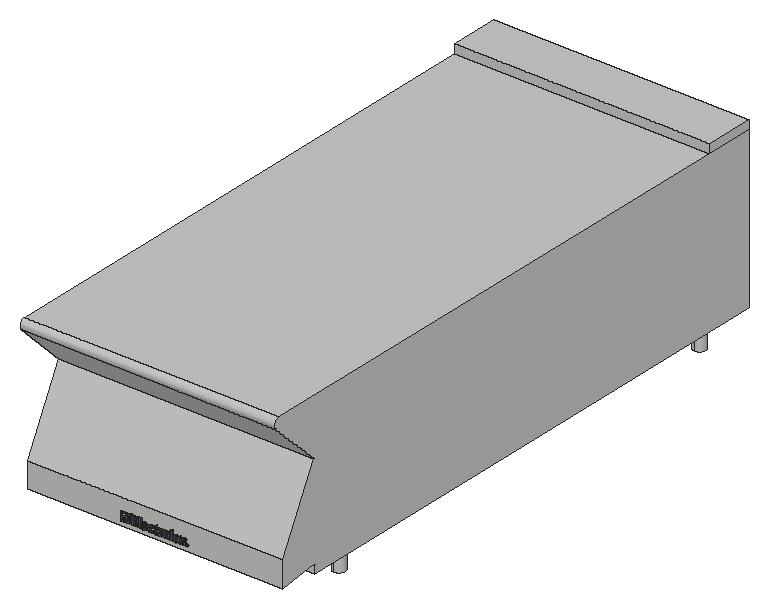
Revit family "QF_ELECTROLUXPROFESSIONAL_391158_E9WTNDN000", category Specialty Equipment, Revit 2018
Family settings
  Round Connector Dimension = Use Diameter
  Part Type = Normal
  Work Plane-Based = No
  Always vertical = Yes
  Cut with Voids When Loaded = No
  Shared = No
  Room Calculation Point = No
Parameters
  Width = 400 mm  # constant formula
  Weight in Pounds = 20
  URL Cutsheet = "www.electrolux.com"
  URL = "www.electrolux.com"
  Type Mark [instance] = ""
  Status [instance] = ""
  Specification by User [instance] = ""
  Specification by Manufacturer = ""
  Show Logo [instance] = yes
  Serial Number = ""
  Seismic Rating = ""
  SMACNA No = ""
  Revision Code [instance] = ""
  Omniclass Number and Title = ""
  NAFEM Spec ID Number = ""
  Model = "391158"
  Masterspec = ""
  Manufacturer = "ELECTROLUX"
  Item Number [instance] = ""
  Installed By [instance] = ""
  Identify Quantity as Lot [instance] = yes
  Height = 289 mm  # constant formula
  Furnished By [instance] = ""
  Foodservice Equipment Identifier [instance] = yes
  Direct Waste Size = 0"
  Description = "900XP AMBIENT WORKTOP-400MM"
  Depth = 930 mm  # constant formula
  CSI MasterFormat = ""
  CSI Master Format = ""
  Base Height = 24 mm  # constant formula
Reference planes
  plane 1 "BACK": y = 0
  plane 2: z = 0
  plane 3 "LEFT": x = 0
  plane 4 "RIGHT": x = 400
  plane 5 "FRONT": y = -930
  plane 6 "TOP": z = 274.638
  plane 7 "Center Y": x = 200
  plane 8 "Center X": y = -465
  plane 9: z = 24
  plane 10: z = 289
  plane 11: y = -82
  plane 12: y = -790
Forms (mm)
  Extrusion 1, solid, material "QF_Finishes_Stainless Steel"
    sketch origin (0, 0, 0) x (0, 1, 0) y (0, 0, 1)
      loop
        line (0, 24) -> (0, 274.637) -> (-921.37, 274.638)
        arc (-921.37, 274.638) -> (-929.343, 269.31) -> (-927.472, 259.906) r 8.63
        line (-927.472, 259.906) -> (-853.91, 186.343) -> (-914.833, 70.673) -> (-914.833, 30.491) -> (-855.71, 38.8)
        arc (-855.71, 38.8) -> (-853.185, 38.052) -> (-852.093, 35.656) r 3.175
        line (-852.093, 35.656) -> (-852.093, 24) -> (0, 24)
    from 0 to 400
  Extrusion 2, solid, material "QF_Finishes_Stainless Steel"
    sketch origin (0, -199.871, 0) x (1, 0, 0) y (0, 1, 0)
      loop
        circle (11.112, 117.871) r 9.525
      loop
        circle (388.888, 117.871) r 9.525
      loop
        circle (11.112, -590.129) r 9.525
      loop
        circle (388.888, -590.129) r 9.525
    from 0 to 23.812
  Extrusion 3, solid, material "QF_Finishes_Stainless Steel"
    sketch origin (0, -199.871, 0) x (0, 1, 0) y (0, 0, 1)
      loop
        line (199.871, 274.638) -> (199.871, 289) -> (123.671, 289) -> (123.671, 274.638) -> (199.871, 274.638)
    from 0 to 400
  Extrusion 4, solid, material "QF_Finishes_Navy Blue", visible <- "Show Logo"
    sketch origin (0, -914.833, 30.491) x (0, 0, 1) y (-1, 0, 0)
      loop
        line (21.086, -155.668) -> (8.72, -155.668)
        arc (8.72, -155.668) -> (14.903, -160.239) -> (21.086, -155.668) r 6.467
      loop
        arc (21.086, -155.039) -> (19.917, -149.896) -> (15.261, -147.418) r 6.338
        line (15.261, -147.418) -> (15.261, -149.464)
        arc (15.261, -149.464) -> (16.745, -153.119) -> (20.191, -155.039) r 5.941
        line (20.191, -155.039) -> (21.086, -155.039)
      loop
        arc (9.615, -155.039) -> (13.061, -153.119) -> (14.544, -149.464) r 5.941
        line (14.544, -149.464) -> (14.544, -147.418)
        arc (14.544, -147.418) -> (9.85, -149.892) -> (8.561, -155.039) r 6.504
        line (8.561, -155.039) -> (9.615, -155.039)
      loop
        line (21.761, -146.949) -> (8.017, -146.949) -> (8.017, -160.711) -> (21.761, -160.711) -> (21.761, -146.949)
      loop
        arc (21.845, -163.679) -> (21.497, -163.322) -> (21.13, -163.659) r 0.358
        arc (21.13, -163.659) -> (20.816, -164.41) -> (20.099, -164.794) r 1.216
        line (20.099, -164.794) -> (9.686, -164.794)
        arc (9.686, -164.794) -> (9.026, -164.517) -> (8.63, -163.921) r 1.238
        arc (8.63, -163.921) -> (8.236, -163.67) -> (7.93, -164.024) r 0.358
        line (7.93, -164.024) -> (7.93, -173.903) -> (10.681, -173.903) -> (10.681, -173.005)
        arc (10.681, -173.005) -> (9.772, -172.426) -> (9.316, -171.448) r 1.928
        line (9.316, -171.448) -> (9.316, -168.949)
        arc (9.316, -168.949) -> (9.592, -168.221) -> (10.281, -167.857) r 1.101
        line (10.281, -167.857) -> (14.367, -167.857) -> (14.367, -171.53)
        arc (14.367, -171.53) -> (14.014, -172.027) -> (13.449, -172.255) r 1.083
        arc (13.449, -172.255) -> (13.186, -172.56) -> (13.478, -172.838) r 0.292
        line (13.478, -172.838) -> (16.44, -172.838)
        arc (16.44, -172.838) -> (16.743, -172.566) -> (16.504, -172.236) r 0.305
        arc (16.504, -172.236) -> (16.014, -171.987) -> (15.709, -171.53) r 1.083
        line (15.709, -171.53) -> (15.709, -167.857) -> (20.386, -167.857) -> (20.386, -171.604)
        arc (20.386, -171.604) -> (20.172, -172.359) -> (19.565, -172.858) r 1.314
        arc (19.565, -172.858) -> (19.346, -173.262) -> (19.7, -173.554) r 0.361
        line (19.7, -173.554) -> (21.845, -173.554) -> (21.845, -163.679)
      loop
        arc (21.127, -174.335) -> (20.747, -175.253) -> (19.828, -175.634) r 1.299
        line (19.828, -175.634) -> (10.249, -175.634)
        arc (10.249, -175.634) -> (9.412, -175.256) -> (9.14, -174.378) r 1.118
        line (9.14, -174.378) -> (7.93, -174.378) -> (7.93, -179.727) -> (9.119, -179.727)
        arc (9.119, -179.727) -> (9.39, -178.811) -> (10.26, -178.414) r 1.153
        line (10.26, -178.414) -> (22.332, -178.414) -> (21.127, -174.335)
      loop
        line (12.895, -182.364) -> (12.895, -188.811) -> (13.694, -188.811)
        arc (13.694, -188.811) -> (16.275, -187.826) -> (17.543, -185.373) r 3.874
        line (17.543, -185.373) -> (17.543, -183.612)
        arc (17.543, -183.612) -> (16.357, -180.748) -> (13.492, -179.561) r 4.051
        line (13.492, -179.561) -> (11.484, -179.561)
        arc (11.484, -179.561) -> (8.666, -181.046) -> (7.614, -184.053) r 4.352
        arc (7.614, -184.053) -> (7.978, -186.517) -> (9.356, -188.591) r 5.713
        line (9.356, -188.591) -> (10.305, -188.591)
        arc (10.305, -188.591) -> (9.572, -187.022) -> (9.356, -185.304) r 5.579
        arc (9.356, -185.304) -> (10.15, -183.34) -> (12.029, -182.364) r 3.057
        line (12.029, -182.364) -> (12.895, -182.364)
      loop
        line (14.154, -182.364) -> (14.154, -185.946)
        arc (14.154, -185.946) -> (15.611, -185.993) -> (16.494, -184.833) r 1.59
        line (16.494, -184.833) -> (16.494, -184.004)
        arc (16.494, -184.004) -> (15.63, -182.748) -> (14.154, -182.364) r 2.184
      loop
        arc (16.945, -198.229) -> (17.434, -196.555) -> (17.592, -194.818) r 9.023
        line (17.592, -194.818) -> (17.592, -193.455)
        arc (17.592, -193.455) -> (16.432, -190.656) -> (13.633, -189.496) r 3.959
        line (13.633, -189.496) -> (11.032, -189.496)
        arc (11.032, -189.496) -> (8.751, -190.789) -> (7.633, -193.162) r 4.331
        line (7.633, -193.162) -> (7.633, -195.297)
        arc (7.633, -195.297) -> (8.141, -196.847) -> (9.063, -198.192) r 5.772
        arc (9.063, -198.192) -> (9.825, -198.243) -> (9.911, -197.485) r 0.553
        arc (9.911, -197.485) -> (9.523, -196.751) -> (9.389, -195.932) r 2.573
        line (9.389, -195.932) -> (9.389, -194.416)
        arc (9.389, -194.416) -> (10.395, -192.775) -> (12.21, -192.132) r 2.884
        line (12.21, -192.132) -> (13.489, -192.132)
        arc (13.489, -192.132) -> (15.31, -192.692) -> (16.236, -194.357) r 2.554
        line (16.236, -194.357) -> (16.236, -195.411)
        arc (16.236, -195.411) -> (15.905, -196.339) -> (15.248, -197.074) r 2.564
        arc (15.248, -197.074) -> (15.026, -197.791) -> (15.636, -198.229) r 0.643
        line (15.636, -198.229) -> (16.945, -198.229)
      loop
        line (15.927, -198.499) -> (15.927, -200) -> (9.879, -200)
        arc (9.879, -200) -> (8.291, -200.658) -> (7.633, -202.246) r 2.246
        line (7.633, -202.246) -> (7.633, -203.829)
        arc (7.633, -203.829) -> (7.947, -204.694) -> (8.448, -205.466) r 4.06
        arc (8.448, -205.466) -> (9.18, -205.598) -> (9.431, -204.898) r 0.576
        arc (9.431, -204.898) -> (9.325, -204.372) -> (9.389, -203.839) r 1.69
        arc (9.389, -203.839) -> (9.931, -203.052) -> (10.837, -202.748) r 1.506
        line (10.837, -202.748) -> (15.975, -202.748) -> (15.975, -205.146) -> (16.532, -205.702) -> (17.353, -205.702) -> (17.353, -202.842) -> (20.585, -202.842) -> (15.927, -198.499)
      loop
        line (7.851, -206.599) -> (7.851, -211.986) -> (8.961, -211.986)
        arc (8.961, -211.986) -> (9.355, -211.035) -> (10.306, -210.641) r 1.345
        line (10.306, -210.641) -> (13.922, -210.641)
        arc (13.922, -210.641) -> (14.686, -211.233) -> (14.976, -212.156) r 1.615
        line (14.976, -212.156) -> (14.976, -213.711) -> (17.532, -214.396) -> (17.532, -213.014) -> (15.589, -210.454) -> (17.469, -210.454) -> (17.185, -207.749)
        arc (17.185, -207.749) -> (16.745, -207.218) -> (16.087, -207.419) r 0.621
        arc (16.087, -207.419) -> (15.686, -207.762) -> (15.192, -207.944) r 1.501
        line (15.192, -207.944) -> (10.306, -207.944)
        arc (10.306, -207.944) -> (9.355, -207.55) -> (8.961, -206.599) r 1.345
        line (8.961, -206.599) -> (7.851, -206.599)
      loop
        line (13.952, -213.934) -> (11.26, -213.934)
        arc (11.26, -213.934) -> (8.815, -215.241) -> (7.681, -217.772) r 4.288
        arc (7.681, -217.772) -> (7.617, -219.152) -> (7.681, -220.533) r 15.022
        arc (7.681, -220.533) -> (8.815, -223.063) -> (11.26, -224.371) r 4.288
        line (11.26, -224.371) -> (13.952, -224.371)
        arc (13.952, -224.371) -> (16.398, -223.063) -> (17.532, -220.533) r 4.288
        arc (17.532, -220.533) -> (17.595, -219.152) -> (17.532, -217.772) r 15.022
        arc (17.532, -217.772) -> (16.398, -215.241) -> (13.952, -213.934) r 4.288
      loop
        line (14.157, -217.048) -> (11.056, -217.048)
        arc (11.056, -217.048) -> (8.899, -219.205) -> (11.056, -221.362) r 2.157
        line (11.056, -221.362) -> (14.157, -221.362)
        arc (14.157, -221.362) -> (16.314, -219.205) -> (14.157, -217.048) r 2.157
      loop
        arc (21.138, -224.229) -> (20.768, -225.123) -> (19.874, -225.493) r 1.264
        line (19.874, -225.493) -> (10.009, -225.493)
        arc (10.009, -225.493) -> (9.139, -225.097) -> (8.868, -224.18) r 1.153
        line (8.868, -224.18) -> (7.93, -224.18) -> (7.93, -229.289) -> (8.858, -229.289)
        arc (8.858, -229.289) -> (9.218, -228.516) -> (10.009, -228.202) r 1.153
        line (10.009, -228.202) -> (22.332, -228.202) -> (21.138, -224.229)
      loop
        arc (16.258, -228.826) -> (16.059, -229.89) -> (15.09, -230.373) r 1.215
        line (15.09, -230.373) -> (10.07, -230.373)
        arc (10.07, -230.373) -> (8.455, -231.02) -> (7.735, -232.603) r 2.338
        line (7.735, -232.603) -> (7.735, -234.117)
        arc (7.735, -234.117) -> (7.909, -235.121) -> (8.412, -236.008) r 2.979
        line (8.412, -236.008) -> (7.93, -237.804) -> (7.93, -239.493) -> (17.356, -239.493) -> (17.062, -235.29) -> (16.275, -235.29)
        arc (16.275, -235.29) -> (15.92, -236.125) -> (15.167, -236.634) r 1.605
        line (15.167, -236.634) -> (10.064, -236.634)
        arc (10.064, -236.634) -> (9.644, -235.698) -> (9.571, -234.673) r 2.94
        arc (9.571, -234.673) -> (10.132, -233.573) -> (11.286, -233.13) r 1.724
        line (11.286, -233.13) -> (17.482, -233.13) -> (16.258, -228.826)
      loop
        line (17.287, -240.346) -> (15.614, -242.392) -> (12.44, -244.698) -> (8.984, -241.586)
        arc (8.984, -241.586) -> (8.747, -241.193) -> (8.769, -240.734) r 0.789
        line (8.769, -240.734) -> (7.93, -240.734) -> (7.93, -244.279) -> (8.756, -244.279)
        arc (8.756, -244.279) -> (9.099, -243.916) -> (9.589, -244.008) r 0.52
        line (9.589, -244.008) -> (11.389, -245.48) -> (9.27, -246.855)
        arc (9.27, -246.855) -> (8.869, -246.545) -> (8.782, -246.046) r 0.7
        line (8.782, -246.046) -> (7.93, -246.046) -> (7.93, -251.973) -> (8.817, -251.973)
        arc (8.817, -251.973) -> (8.884, -251.314) -> (9.279, -250.782) r 1.247
        line (9.279, -250.782) -> (13.478, -247.501) -> (15.925, -249.555) -> (17.287, -251.297) -> (17.287, -247.573) -> (15.801, -247.995) -> (14.28, -246.719) -> (15.98, -245.528) -> (17.287, -246.305) -> (17.287, -240.346)
    from 0 to 1.644
Lines and regions (mm)
  symbolic lines
    curve 1: line (0, -930, 0) -> (400, -930, 0)
    curve 2: line (0, 0, 0) -> (0, -930, 0)
    curve 3: line (400, 0, 0) -> (0, 0, 0)
    curve 4: line (400, -930, 0) -> (400, 0, 0)
    curve 5: line (0, -76.2, 0) -> (400, -76.2, 0)
    curve 6: line (0, -923.65, 0) -> (400, -923.65, 0)
Dimensions and locks
  equal spacing: plane 3 "LEFT", plane 7 "Center Y", plane 4 "RIGHT"
  "Width": plane 3 "LEFT" to plane 4 "RIGHT"
  equal spacing: plane 5 "FRONT", plane 8 "Center X", plane 1 "BACK"
  "Depth": plane 5 "FRONT" to plane 1 "BACK"
  "Height": plane 10 to level
  "Base Height": plane 9 to level
  Extrusion 1 to plane 9 = 250.637 mm
  plane 9 to plane 2 = 24 mm
  plane 11 to plane 1 "BACK" = 82 mm
  plane 12 to plane 11 = 708 mm
  Extrusion 1 to plane 12 = 124.833 mm
  Extrusion 1 to plane 1 "BACK" = 914.833 mm
  aligned and locked: level to plane 2
  aligned and locked: Extrusion 3 to Extrusion 1
Automatic sketch dimensions
  curve 5 to plane 3 "LEFT" = 0 mm
  plane 1 "BACK" to curve 2 = 0 mm
  curve 6 to plane 4 "RIGHT" = 0 mm
  curve 5 to curve 3 = 76.2 mm
  curve 6 to plane 5 "FRONT" = 6.35 mm
  curve 2 to curve 6 = 6.35 mm
  Extrusion 2 sketch curve to Extrusion 2 sketch curve = 0 mm  (x8)
  plane 3 "LEFT" to Extrusion 2 sketch curve = 11.112 mm  (x2)
  Extrusion 2 sketch curve to plane 4 "RIGHT" = 11.112 mm  (x2)
  Extrusion 2 sketch curve to plane 8 "Center X" = 334.525 mm  (x2)
  Extrusion 2 sketch curve to Extrusion 2 sketch curve = 9.525 mm  (x4)
  plane 1 "BACK" to Extrusion 2 sketch curve = 91.525 mm  (x2)
  Extrusion 3 sketch curve to plane 6 "TOP" = 0 mm
  plane 1 "BACK" to Extrusion 3 sketch curve = 0 mm
  Extrusion 3 sketch curve to plane 10 = 0 mm
  plane 1 "BACK" to Extrusion 3 sketch curve = 76.2 mm
  Extrusion 1 sketch curve to plane 6 "TOP" = 0 mm
  Extrusion 1 sketch curve to plane 9 = 0 mm
  Extrusion 1 sketch curve to plane 1 "BACK" = 0 mm
  plane 9 to Extrusion 1 sketch curve = 11.656 mm
  Extrusion 1 sketch curve to plane 12 = 62.093 mm
  Extrusion 1 sketch curve to plane 12 = 63.91 mm
  Extrusion 1 sketch curve to Extrusion 1 sketch curve = 3.175 mm
  Extrusion 1 sketch curve to Extrusion 1 sketch curve = 0.442 mm
  Extrusion 1 sketch curve to plane 5 "FRONT" = 15.167 mm
  Extrusion 1 sketch curve to plane 5 "FRONT" = 8.63 mm
  Extrusion 1 sketch curve to plane 5 "FRONT" = 2.528 mm
  plane 9 to Extrusion 1 sketch curve = 6.491 mm
  Extrusion 1 sketch curve to Extrusion 1 sketch curve = 40.183 mm
  Extrusion 1 sketch curve to plane 6 "TOP" = 88.295 mm
  Extrusion 1 sketch curve to plane 6 "TOP" = 14.732 mm
  Extrusion 4 sketch curve to Extrusion 1 = 2.573 mm
  Extrusion 4 sketch curve to Extrusion 1 = 7.614 mm
  Extrusion 4 sketch curve to Extrusion 1 = 7.633 mm  (x2)
  Extrusion 4 sketch curve to Extrusion 4 sketch curve = 5.108 mm  (x2)
  Extrusion 4 sketch curve to Extrusion 4 sketch curve = 0 mm  (x27)
  Extrusion 4 sketch curve to Extrusion 1 = 7.735 mm
  Extrusion 4 sketch curve to Extrusion 4 sketch curve = 0.218 mm
  Extrusion 4 sketch curve to Extrusion 4 sketch curve = 0.195 mm
  Extrusion 4 sketch curve to Extrusion 4 sketch curve = 0.249 mm
  Extrusion 4 sketch curve to Extrusion 1 = 7.93 mm
  Extrusion 4 sketch curve to Extrusion 4 sketch curve = 0.087 mm
  Extrusion 4 sketch curve to Extrusion 4 sketch curve = 0.358 mm
  Extrusion 4 sketch curve to Extrusion 4 sketch curve = 0.481 mm
  Extrusion 4 sketch curve to Extrusion 4 sketch curve = 0.597 mm
  Extrusion 4 sketch curve to Extrusion 4 sketch curve = 0.544 mm
  Extrusion 4 sketch curve to Extrusion 4 sketch curve = 0.936 mm
  Extrusion 4 sketch curve to Extrusion 4 sketch curve = 0.594 mm
  Extrusion 4 sketch curve to Extrusion 4 sketch curve = 0.343 mm
  Extrusion 4 sketch curve to Extrusion 4 sketch curve = 0.159 mm
  Extrusion 4 sketch curve to Extrusion 4 sketch curve = 0.826 mm
  Extrusion 4 sketch curve to Extrusion 4 sketch curve = 0.839 mm
  Extrusion 4 sketch curve to Extrusion 4 sketch curve = 0.852 mm
  Extrusion 4 sketch curve to Extrusion 4 sketch curve = 0.887 mm
  Extrusion 4 sketch curve to Extrusion 4 sketch curve = 0.928 mm
  Extrusion 4 sketch curve to Extrusion 4 sketch curve = 0.938 mm
  Extrusion 4 sketch curve to Extrusion 4 sketch curve = 0.444 mm
  Extrusion 4 sketch curve to Extrusion 4 sketch curve = 1.11 mm  (x3)
  Extrusion 4 sketch curve to Extrusion 4 sketch curve = 0.215 mm
  Extrusion 4 sketch curve to Extrusion 4 sketch curve = 1.43 mm
  Extrusion 4 sketch curve to Extrusion 4 sketch curve = 1.188 mm
  Extrusion 4 sketch curve to Extrusion 4 sketch curve = 1.21 mm  (x2)
  Extrusion 4 sketch curve to Extrusion 4 sketch curve = 0.503 mm
  Extrusion 4 sketch curve to Extrusion 4 sketch curve = 0.488 mm
  Extrusion 4 sketch curve to Extrusion 4 sketch curve = 0.462 mm
  Extrusion 4 sketch curve to Extrusion 4 sketch curve = 1.386 mm
  Extrusion 4 sketch curve to Extrusion 4 sketch curve = 1.742 mm  (x2)
  Extrusion 4 sketch curve to Extrusion 4 sketch curve = 0.821 mm
  Extrusion 4 sketch curve to Extrusion 4 sketch curve = 0.497 mm
  Extrusion 4 sketch curve to Extrusion 4 sketch curve = 0.539 mm
  Extrusion 4 sketch curve to Extrusion 4 sketch curve = 0.686 mm
  Extrusion 4 sketch curve to Extrusion 4 sketch curve = 0.408 mm
  Extrusion 4 sketch curve to Extrusion 4 sketch curve = 0.743 mm
  Extrusion 4 sketch curve to Extrusion 4 sketch curve = 1.16 mm
  Extrusion 4 sketch curve to Extrusion 4 sketch curve = 0.329 mm
  Extrusion 4 sketch curve to Extrusion 4 sketch curve = 1.054 mm
  Extrusion 4 sketch curve to Extrusion 4 sketch curve = 1.056 mm
  Extrusion 4 sketch curve to Extrusion 4 sketch curve = 0.129 mm
  Extrusion 4 sketch curve to Extrusion 4 sketch curve = 0.489 mm
  Extrusion 4 sketch curve to Extrusion 4 sketch curve = 0.441 mm
  Extrusion 4 sketch curve to Extrusion 4 sketch curve = 1.151 mm
  Extrusion 4 sketch curve to Extrusion 4 sketch curve = 1.141 mm  (x2)
  Extrusion 4 sketch curve to Extrusion 4 sketch curve = 0.768 mm
  Extrusion 4 sketch curve to Extrusion 4 sketch curve = 1.653 mm
  Extrusion 4 sketch curve to Extrusion 4 sketch curve = 0.499 mm
  Extrusion 4 sketch curve to Extrusion 4 sketch curve = 0.964 mm
  Extrusion 4 sketch curve to Extrusion 4 sketch curve = 0.949 mm
  Extrusion 4 sketch curve to Extrusion 4 sketch curve = 1.345 mm  (x3)
  Extrusion 4 sketch curve to Extrusion 4 sketch curve = 1.101 mm
  Extrusion 4 sketch curve to Extrusion 4 sketch curve = 0.432 mm
  Extrusion 4 sketch curve to Extrusion 4 sketch curve = 1.142 mm
  Extrusion 4 sketch curve to Extrusion 4 sketch curve = 0.959 mm
  Extrusion 4 sketch curve to Extrusion 4 sketch curve = 0.176 mm
  Extrusion 4 sketch curve to Extrusion 4 sketch curve = 0.728 mm
  Extrusion 4 sketch curve to Extrusion 4 sketch curve = 3.375 mm  (x2)
  Extrusion 4 sketch curve to Extrusion 4 sketch curve = 0.541 mm
  Extrusion 4 sketch curve to Extrusion 4 sketch curve = 0.955 mm
  Extrusion 4 sketch curve to Extrusion 4 sketch curve = 1.251 mm
  Extrusion 4 sketch curve to Extrusion 4 sketch curve = 0.572 mm
  Extrusion 4 sketch curve to Extrusion 4 sketch curve = 1.92 mm
  Extrusion 4 sketch curve to Extrusion 4 sketch curve = 1.224 mm
  Extrusion 4 sketch curve to Extrusion 4 sketch curve = 0.745 mm
  Extrusion 4 sketch curve to Extrusion 4 sketch curve = 2.537 mm
  Extrusion 4 sketch curve to Extrusion 4 sketch curve = 0.896 mm  (x3)
  Extrusion 4 sketch curve to Extrusion 4 sketch curve = 0.036 mm
  Extrusion 4 sketch curve to Extrusion 4 sketch curve = 2.607 mm
  Extrusion 4 sketch curve to Extrusion 4 sketch curve = 0.066 mm
  Extrusion 4 sketch curve to Extrusion 4 sketch curve = 0.248 mm
  Extrusion 4 sketch curve to Extrusion 4 sketch curve = 0.449 mm
  Extrusion 4 sketch curve to Extrusion 4 sketch curve = 1.052 mm
  Extrusion 4 sketch curve to Extrusion 4 sketch curve = 1.863 mm
  Extrusion 4 sketch curve to Extrusion 4 sketch curve = 1.31 mm  (x2)
  Extrusion 4 sketch curve to Extrusion 4 sketch curve = 0.901 mm
  Extrusion 4 sketch curve to Extrusion 4 sketch curve = 1.107 mm
  Extrusion 4 sketch curve to Extrusion 4 sketch curve = 2.122 mm
  Extrusion 4 sketch curve to Extrusion 4 sketch curve = 2.101 mm
  Extrusion 4 sketch curve to Extrusion 4 sketch curve = 0.106 mm
  Extrusion 4 sketch curve to Extrusion 4 sketch curve = 0.029 mm
  Extrusion 4 sketch curve to Extrusion 4 sketch curve = 2.09 mm
  Extrusion 4 sketch curve to Extrusion 4 sketch curve = 1.279 mm
  Extrusion 4 sketch curve to Extrusion 4 sketch curve = 2.008 mm
  Extrusion 4 sketch curve to Extrusion 4 sketch curve = 0.738 mm
  Extrusion 4 sketch curve to Extrusion 4 sketch curve = 0.382 mm
  Extrusion 4 sketch curve to Extrusion 4 sketch curve = 0.384 mm
  Extrusion 4 sketch curve to Extrusion 4 sketch curve = 0.002 mm
  Extrusion 4 sketch curve to Extrusion 4 sketch curve = 0.561 mm
  Extrusion 4 sketch curve to Extrusion 4 sketch curve = 0.592 mm
  Extrusion 4 sketch curve to Extrusion 4 sketch curve = 2.692 mm
  Extrusion 4 sketch curve to Extrusion 4 sketch curve = 1.259 mm
  Extrusion 4 sketch curve to Extrusion 4 sketch curve = 0.802 mm
  Extrusion 4 sketch curve to Extrusion 4 sketch curve = 1.024 mm  (x2)
  Extrusion 4 sketch curve to Extrusion 4 sketch curve = 0.682 mm
  Extrusion 4 sketch curve to Extrusion 4 sketch curve = 5.934 mm
  Extrusion 4 sketch curve to Extrusion 4 sketch curve = 2.186 mm
  Extrusion 4 sketch curve to Extrusion 4 sketch curve = 0.337 mm
  Extrusion 4 sketch curve to Extrusion 4 sketch curve = 0.021 mm
  Extrusion 4 sketch curve to Extrusion 4 sketch curve = 1.005 mm
  Extrusion 4 sketch curve to Extrusion 4 sketch curve = 0.552 mm
  Extrusion 4 sketch curve to Extrusion 4 sketch curve = 0.778 mm
  Extrusion 4 sketch curve to Extrusion 4 sketch curve = 0.063 mm
  Extrusion 4 sketch curve to Extrusion 4 sketch curve = 1.023 mm
  Extrusion 4 sketch curve to Extrusion 4 sketch curve = 3.804 mm
  Extrusion 4 sketch curve to Extrusion 4 sketch curve = 0.486 mm
  Extrusion 4 sketch curve to Extrusion 4 sketch curve = 0.266 mm
  Extrusion 4 sketch curve to Extrusion 4 sketch curve = 1.547 mm
  Extrusion 4 sketch curve to Extrusion 4 sketch curve = 0.717 mm  (x2)
  Extrusion 4 sketch curve to Extrusion 4 sketch curve = 1.667 mm
  Extrusion 4 sketch curve to Extrusion 4 sketch curve = 3.174 mm
  Extrusion 4 sketch curve to Extrusion 4 sketch curve = 0.388 mm
  Extrusion 4 sketch curve to Extrusion 4 sketch curve = 1.342 mm
  Extrusion 4 sketch curve to Extrusion 4 sketch curve = 1.521 mm
  Extrusion 4 sketch curve to Extrusion 4 sketch curve = 0.124 mm
  Extrusion 4 sketch curve to Extrusion 4 sketch curve = 0.291 mm
  Extrusion 4 sketch curve to Extrusion 4 sketch curve = 1.049 mm  (x2)
  Extrusion 4 sketch curve to Extrusion 4 sketch curve = 1.7 mm
  Extrusion 4 sketch curve to Extrusion 4 sketch curve = 0.894 mm
  Extrusion 4 sketch curve to Extrusion 4 sketch curve = 0.989 mm
  Extrusion 4 sketch curve to Extrusion 4 sketch curve = 1.168 mm
  Extrusion 4 sketch curve to Extrusion 4 sketch curve = 1.594 mm
  Extrusion 4 sketch curve to Extrusion 4 sketch curve = 0.731 mm
  Extrusion 4 sketch curve to Extrusion 4 sketch curve = 1.566 mm
  Extrusion 4 sketch curve to Extrusion 4 sketch curve = 0.064 mm
  Extrusion 4 sketch curve to Extrusion 4 sketch curve = 0.556 mm  (x2)
  Extrusion 4 sketch curve to Extrusion 4 sketch curve = 0.48 mm
  Extrusion 4 sketch curve to Extrusion 4 sketch curve = 1.018 mm
  Extrusion 4 sketch curve to Extrusion 4 sketch curve = 0.787 mm
  Extrusion 4 sketch curve to Extrusion 4 sketch curve = 0.618 mm
  Extrusion 4 sketch curve to Extrusion 4 sketch curve = 1.672 mm
  Extrusion 4 sketch curve to Extrusion 4 sketch curve = 1.361 mm
  Extrusion 4 sketch curve to Extrusion 4 sketch curve = 0.822 mm
  Extrusion 4 sketch curve to Extrusion 4 sketch curve = 0.069 mm
  Extrusion 4 sketch curve to Extrusion 4 sketch curve = 1.88 mm
  Extrusion 4 sketch curve to Extrusion 4 sketch curve = 0.42 mm
  Extrusion 4 sketch curve to Extrusion 4 sketch curve = 0.062 mm
  Extrusion 4 sketch curve to Extrusion 4 sketch curve = 1.355 mm
  Extrusion 4 sketch curve to Extrusion 4 sketch curve = 2.34 mm
  Extrusion 4 sketch curve to Extrusion 4 sketch curve = 0.493 mm
  Extrusion 4 sketch curve to Extrusion 4 sketch curve = 0.136 mm
  Extrusion 4 sketch curve to Extrusion 4 sketch curve = 0.128 mm
  Extrusion 4 sketch curve to Extrusion 4 sketch curve = 3.616 mm
  Extrusion 4 sketch curve to Extrusion 4 sketch curve = 4.207 mm
  Extrusion 4 sketch curve to Extrusion 4 sketch curve = 0.183 mm
  Extrusion 4 sketch curve to Extrusion 4 sketch curve = 0.895 mm
  Extrusion 4 sketch curve to Extrusion 4 sketch curve = 1.314 mm
  Extrusion 4 sketch curve to Extrusion 4 sketch curve = 3.231 mm
  Extrusion 4 sketch curve to Extrusion 4 sketch curve = 1.299 mm
  Extrusion 4 sketch curve to Extrusion 4 sketch curve = 1.214 mm
  Extrusion 4 sketch curve to Extrusion 4 sketch curve = 1.264 mm
  Extrusion 4 sketch curve to Extrusion 4 sketch curve = 0.109 mm
  Extrusion 4 sketch curve to Extrusion 4 sketch curve = 0.357 mm
  Extrusion 4 sketch curve to Extrusion 4 sketch curve = 0.565 mm
  Extrusion 4 sketch curve to Extrusion 4 sketch curve = 2.504 mm
  Extrusion 4 sketch curve to Extrusion 4 sketch curve = 2.459 mm
  Extrusion 1 to Extrusion 4 sketch curve = 251.973 mm
  Extrusion 4 sketch curve to Extrusion 4 sketch curve = 0.208 mm
  Extrusion 4 sketch curve to Extrusion 4 sketch curve = 0.468 mm  (x2)
  Extrusion 4 sketch curve to Extrusion 4 sketch curve = 1.559 mm
  Extrusion 4 sketch curve to Extrusion 4 sketch curve = 0.422 mm  (x2)
  Extrusion 4 sketch curve to Extrusion 4 sketch curve = 0.494 mm
  Extrusion 4 sketch curve to Extrusion 4 sketch curve = 3.927 mm
  Extrusion 4 sketch curve to Extrusion 4 sketch curve = 0.782 mm
  Extrusion 4 sketch curve to Extrusion 4 sketch curve = 1.268 mm
  Extrusion 4 sketch curve to Extrusion 4 sketch curve = 0.671 mm
  Extrusion 4 sketch curve to Extrusion 4 sketch curve = 0.777 mm
  Extrusion 4 sketch curve to Extrusion 4 sketch curve = 0.704 mm
  Extrusion 4 sketch curve to Extrusion 4 sketch curve = 0.781 mm  (x2)
  Extrusion 4 sketch curve to Extrusion 4 sketch curve = 1.634 mm
  Extrusion 4 sketch curve to Extrusion 4 sketch curve = 0.132 mm
  Extrusion 4 sketch curve to Extrusion 4 sketch curve = 3.136 mm
  Extrusion 4 sketch curve to Extrusion 4 sketch curve = 2.422 mm
  Extrusion 4 sketch curve to Extrusion 4 sketch curve = 0.586 mm
  Extrusion 4 sketch curve to Extrusion 4 sketch curve = 2.046 mm  (x2)
  Extrusion 4 sketch curve to Extrusion 4 sketch curve = 1.241 mm
  Extrusion 4 sketch curve to Extrusion 4 sketch curve = 1.689 mm
  Extrusion 4 sketch curve to Extrusion 4 sketch curve = 2.859 mm
  Extrusion 4 sketch curve to Extrusion 4 sketch curve = 0.627 mm
  Extrusion 4 sketch curve to Extrusion 4 sketch curve = 0.863 mm
  Extrusion 4 sketch curve to Extrusion 4 sketch curve = 0.419 mm
  Extrusion 4 sketch curve to Extrusion 4 sketch curve = 1.514 mm
  Extrusion 4 sketch curve to Extrusion 4 sketch curve = 1.019 mm
  Extrusion 4 sketch curve to Extrusion 4 sketch curve = 0.065 mm
  Extrusion 4 sketch curve to Extrusion 4 sketch curve = 1.215 mm
  Extrusion 4 sketch curve to Extrusion 4 sketch curve = 2.708 mm
  Extrusion 4 sketch curve to Extrusion 4 sketch curve = 1.122 mm
  Extrusion 4 sketch curve to Extrusion 4 sketch curve = 1.153 mm
  Extrusion 4 sketch curve to Extrusion 4 sketch curve = 3.009 mm
  Extrusion 4 sketch curve to Extrusion 4 sketch curve = 0.829 mm  (x2)
  Extrusion 4 sketch curve to Extrusion 4 sketch curve = 0.934 mm
  Extrusion 4 sketch curve to Extrusion 4 sketch curve = 3.376 mm
  Extrusion 4 sketch curve to Extrusion 4 sketch curve = 0.222 mm
  Extrusion 4 sketch curve to Extrusion 4 sketch curve = 1.383 mm
  Extrusion 4 sketch curve to Extrusion 4 sketch curve = 1.556 mm
  Extrusion 4 sketch curve to Extrusion 4 sketch curve = 2.559 mm
  Extrusion 4 sketch curve to Extrusion 4 sketch curve = 2.51 mm
  Extrusion 4 sketch curve to Extrusion 4 sketch curve = 0.131 mm
  Extrusion 4 sketch curve to Extrusion 4 sketch curve = 1.717 mm
  Extrusion 4 sketch curve to Extrusion 4 sketch curve = 1.134 mm
  Extrusion 4 sketch curve to Extrusion 4 sketch curve = 0.366 mm
  Extrusion 4 sketch curve to Extrusion 4 sketch curve = 0.094 mm
  Extrusion 4 sketch curve to Extrusion 4 sketch curve = 1.584 mm
  Extrusion 4 sketch curve to Extrusion 4 sketch curve = 1.501 mm
  Extrusion 4 sketch curve to Extrusion 4 sketch curve = 0.27 mm
  Extrusion 4 sketch curve to Extrusion 4 sketch curve = 1.808 mm
  Extrusion 4 sketch curve to Extrusion 4 sketch curve = 0.643 mm
  Extrusion 4 sketch curve to Extrusion 4 sketch curve = 0.916 mm
  Extrusion 4 sketch curve to Extrusion 4 sketch curve = 0.352 mm
  Extrusion 4 sketch curve to Extrusion 4 sketch curve = 0.458 mm
  Extrusion 4 sketch curve to Extrusion 4 sketch curve = 1.282 mm
  Extrusion 4 sketch curve to Extrusion 4 sketch curve = 1.363 mm
  Extrusion 4 sketch curve to Extrusion 4 sketch curve = 0.685 mm
  Extrusion 4 sketch curve to Extrusion 4 sketch curve = 0.905 mm
  Extrusion 4 sketch curve to Extrusion 4 sketch curve = 2.865 mm
  Extrusion 4 sketch curve to Extrusion 4 sketch curve = 0.472 mm
  Extrusion 4 sketch curve to Extrusion 4 sketch curve = 0.101 mm
  Extrusion 4 sketch curve to Extrusion 4 sketch curve = 0.54 mm
  Extrusion 4 sketch curve to Extrusion 4 sketch curve = 0.02 mm
  Extrusion 4 sketch curve to Extrusion 4 sketch curve = 0.582 mm
  Extrusion 4 sketch curve to Extrusion 4 sketch curve = 0.166 mm
  Extrusion 4 sketch curve to Extrusion 4 sketch curve = 0.16 mm
  Extrusion 4 sketch curve to Extrusion 4 sketch curve = 2.781 mm
  Extrusion 4 sketch curve to Extrusion 4 sketch curve = 1.118 mm
  Extrusion 4 sketch curve to Extrusion 4 sketch curve = 0.613 mm
  Extrusion 4 sketch curve to Extrusion 4 sketch curve = 0.361 mm
  Extrusion 4 sketch curve to Extrusion 4 sketch curve = 0.897 mm
  Extrusion 4 sketch curve to Extrusion 4 sketch curve = 0.167 mm
  Extrusion 4 sketch curve to Extrusion 4 sketch curve = 0.292 mm
  Extrusion 4 sketch curve to Extrusion 4 sketch curve = 0.305 mm
  Extrusion 4 sketch curve to Extrusion 4 sketch curve = 1.557 mm
  Extrusion 4 sketch curve to Extrusion 4 sketch curve = 2.499 mm
  Extrusion 4 sketch curve to Extrusion 4 sketch curve = 3.062 mm
  Extrusion 4 sketch curve to Extrusion 4 sketch curve = 2.968 mm
  Extrusion 4 sketch curve to Extrusion 4 sketch curve = 5.044 mm
  Extrusion 4 sketch curve to Extrusion 4 sketch curve = 0.629 mm  (x2)
  Extrusion 4 sketch curve to Extrusion 4 sketch curve = 1.131 mm
  Extrusion 4 sketch curve to Extrusion 4 sketch curve = 0.137 mm
  Extrusion 4 sketch curve to Extrusion 4 sketch curve = 0.027 mm
  Extrusion 4 sketch curve to Extrusion 4 sketch curve = 2.235 mm
